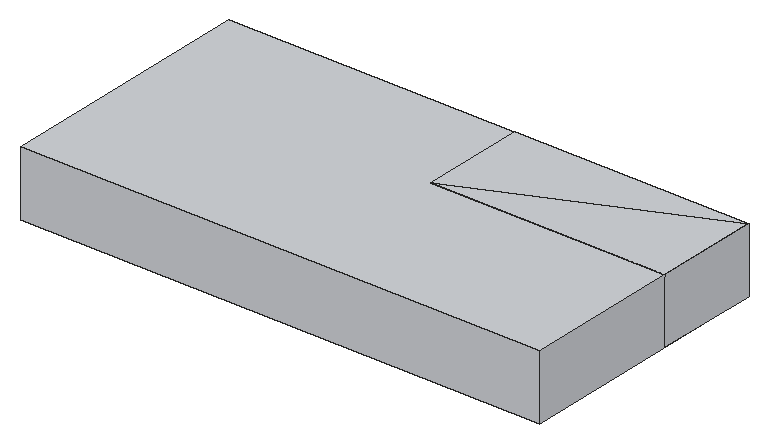
Revit family "電線管用ファミリ(片側のみ)_20", category Electrical Fixtures, Revit 2022
Family settings
  Round Connector Dimension = Use Diameter
  Part Type = Normal
  OmniClass Number = 23.80.00.00
  OmniClass Title = Electric Power and Lighting
  Work Plane-Based = No
  Always vertical = Yes
  Cut with Voids When Loaded = No
  Maintain Annotation Orientation = No
  Shared = No
  Room Calculation Point = No
Parameters
  コネクタ直径 [instance] = 16 mm
  W [instance] = 400 mm
  Default Elevation = 0 mm
  D [instance] = 200 mm
Reference planes
  plane 1 "Center (Front/Back)": y = 0
  plane 2: z = 0
  plane 3 "Center (Left/Right)": x = 0
  plane 4: x = -200
  plane 5: x = 200
  plane 6: y = 100
  plane 7: y = -100
  plane 8: z = 50
  plane 9: x = 20
  plane 10: y = 20
Forms (mm)
  Extrusion 1, solid
    sketch origin (0, 0, 0) x (1, 0, 0) y (0, 1, 0)
      loop
        line (-200, 100) -> (-200, -100) -> (200, -100) -> (200, 100) -> (-200, 100)
    from 0 to 50
  Extrusion 2, solid
    sketch origin (0, 0, 0) x (1, 0, 0) y (0, 1, 0)
      loop
        line (20, 100) -> (20, 20) -> (200, 20) -> (200, 100) -> (20, 100)
    from 0 to 50
  Extrusion 3, solid
    sketch origin (0, 0, 0) x (1, 0, 0) y (0, 1, 0)
      loop
        line (200, 100) -> (20, 20) -> (200, 20) -> (200, 100)
    from 0 to 50
Dimensions and locks
  equal spacing: plane 4, plane 3 "Center (Left/Right)", plane 5
  "W": plane 4 to plane 5
  equal spacing: plane 6, plane 1 "Center (Front/Back)", plane 7
  "D": plane 6 to plane 7
  plane 9 to plane 5 = 180 mm
  plane 10 to plane 1 "Center (Front/Back)" = 20 mm
  aligned and locked: level to plane 2
  aligned and locked: plane 8 to Extrusion 1
Automatic sketch dimensions
  Extrusion 1 sketch curve to plane 4 = 0 mm
  Extrusion 1 sketch curve to plane 5 = 0 mm
  Extrusion 1 sketch curve to plane 7 = 0 mm
  Extrusion 1 sketch curve to plane 6 = 0 mm
  Extrusion 2 sketch curve to plane 9 = 0 mm
  Extrusion 2 sketch curve to plane 5 = 0 mm
  Extrusion 2 sketch curve to plane 10 = 0 mm
  Extrusion 2 sketch curve to plane 6 = 0 mm
  Extrusion 3 sketch curve to plane 9 = 0 mm
  Extrusion 3 sketch curve to plane 5 = 0 mm
  Extrusion 3 sketch curve to plane 10 = 0 mm
  Extrusion 3 sketch curve to plane 6 = 0 mm
Connectors
  cabletrayconduit at (0, 0, 50), diameter 16
    settings: on Extrusion 1, index 1, connector width 300 mm, connector height 300 mm, connector angle 0.00°, system type 32, placement type 0, profile type 0, connector reference index -1, is primary connector yes, connector utility param no, connector description ""
